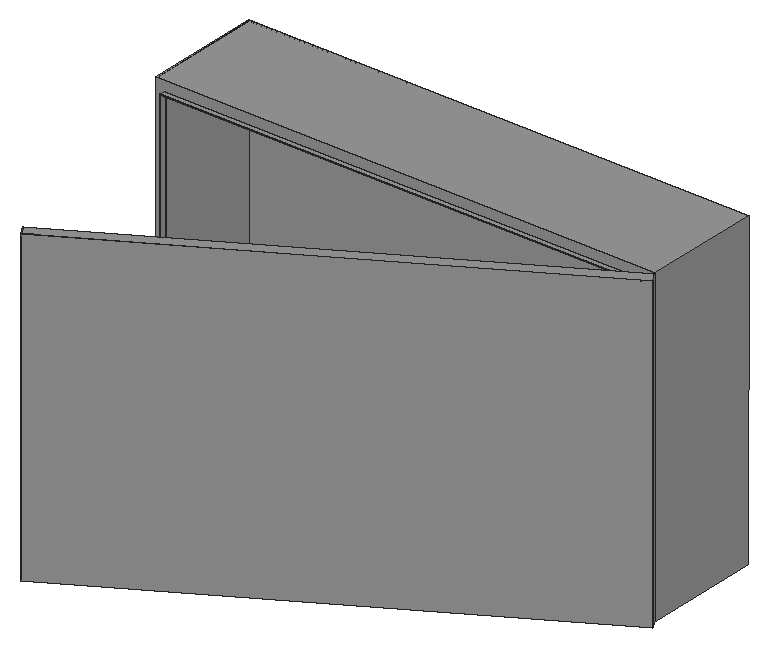
Revit family "Hager-Univers-IP44-D205-H500-Cl.II-Encl-NoHosted-BE-fr", category Electrical Equipment, Revit 2020
Family settings
  Panel Configuration = Two Columns, Circuits Across
  Round Connector Dimension = Use Diameter
  Part Type = Panelboard
  Work Plane-Based = Yes
  Always vertical = Yes
  Cut with Voids When Loaded = No
  Shared = No
  Room Calculation Point = No
Parameters (values of type "saillie IP44 L800 H500 P205  - FP33QS")
  Width Control [instance] = if([EF000008 - largeur] > Min Width, [EF000008 - largeur], Min Width)  # 800 mm
  Type Comments = [HG000003 - Gamme]  # "Univers"
  Thickness Door [instance] = if([EF009171 - épaisseur de matériau de la porte/du couvercle] > 3 mm, 3 mm, [EF009171 - épaisseur de matériau de la porte/du couvercle])  # 1 mm
  Seal Frame Offset [instance] = 17 mm  # constant formula
  Plinth Visibility [instance] = [HG000027 - Hauteur du socle] > 0 mm  # no
  Min Width [instance] = 100 mm  # constant formula
  Min Depth [instance] = (2 * [EF009170 - épaisseur de matériau du boîtier]) + 1 mm  # 3 mm
  Min Height [instance] = 100 mm  # constant formula
  Internal Frame Depth [instance] = (Door System Depth * 0.5)  # 9 mm
  Panel Name [instance] = ""  # (empty or 0)
  Model = ""
  HG000027 - Hauteur du socle = 0 mm
  HG000026 - Installation au sol = no
  HG000024 - Hauteur de la section basse = 600 mm
  HG000023 - Armoire double section = no
  HG000016 - Visibilité de la porte 3D [instance] = yes
  HG000015 - Visibilité de l'emprise de la porte [instance] = no
  HG000014 - Porte à droite [instance] = yes
  HG000013 - Porte à gauche [instance] = not([HG000014 - Porte à droite])  # no
  HG000012 - Angle de pivotement de la porte [instance] = 30.00°
  HG000010 - Portes asymétriques = no
  HG000009 - Porte à double battant = no
  HG000006 - Encastré = no
  HG000004 - Référence fabricant = "FP33QS"
  HG000003 - Gamme = "Univers"
  HG000002 - avec porte = yes
  Frame Offset Bottom [instance] = 10 mm  # constant formula
  Frame Offset [instance] = 15 mm  # constant formula
  EF015940 - couvercle avec décharge de pression = no
  EF011959 - degré de protection (NEMA) = ""
  EF009554 - nombre d'ouvertures pour plaques à bride = 6
  EF009212 - finition du couvercle = "EV000116 - fermé"
  EF009171 - épaisseur de matériau de la porte/du couvercle = 1 mm
  EF009170 - épaisseur de matériau du boîtier = 1 mm
  EF008873 - courant nominal (In) = 250 A
  EF007800 - adapté à un parafoudre = no
  EF006306 - avec serrure = no
  EF006244 - couvercle/porte transparent(e) = no
  EF005474 - indice de protection (IP) = "EV006418 - IP44"
  EF004464 - type de porte = "EV002646 - unique"
  EF004427 - nombre de modules = 108
  EF004293 - indice de protection contre les chocs (IK) = "EV006815 - IK09"
  EF003532 - convient pour utilisation à l’extérieur = no
  EF002950 - largeur en nombre de modules = 36
  EF001613 - maintien de fonction = "EV000494 - sans"
  EF001596 - matériau du boîtier/corps = "EV000179 - acier"
  EF001131 - profondeur intérieure = 143 mm
  EF001088 - possibilité de montage en saillie = yes
  EF000437 - nombre d'entrées de conduit = 6
  EF000339 - type de capot = "EV001012 - couvercle"
  EF000266 - nombre de rangées = 3
  EF000218 - profondeur d'encastrement = 0 mm
  EF000118 - avec cadre/support de montage = no
  EF000116 - numéro RAL = "9010"
  EF000049 - profondeur = 205 mm
  EF000040 - hauteur = 500 mm
  EF000008 - largeur = 800 mm
  EF000007 - couleur = "EV000202 - blanc"
  EF000003 - mode de pose = "EV000384 - saillie"
  Door System Leaf Tolerance [instance] = 1.5 mm  # constant formula
  Door System Depth [instance] = 18 mm  # constant formula
  Door Height [instance] = Height Control - [HG000027 - Hauteur du socle]  # 500 mm
  Description = ""
  Default Elevation = 1219.2 mm
  Connector Offset [instance] = Height Control / 2  # 250 mm
  Manufacturer = "Hager"  # constant formula
  Height Control [instance] = if([EF000040 - hauteur] > Min Height, [EF000040 - hauteur], Min Height)  # 500 mm
  Depth Control [instance] = if([EF000049 - profondeur] > Min Depth, [EF000049 - profondeur], Min Depth)  # 205 mm
  Bottom Top Plate Trim [instance] = 1.5 mm  # constant formula
  Plinth height Ctrl [instance] = if([HG000027 - Hauteur du socle] > 0 mm, [HG000027 - Hauteur du socle], 12 mm)  # 12 mm
Types (5, lengths in mm): name | Width Control | HG000009 - Porte à double battant | HG000004 - Référence fabricant | EF009554 - nombre d'ouvertures pour plaques à bride | EF004464 - type de porte | EF004427 - nombre de modules | EF002950 - largeur en nombre de modules | EF000437 - nombre d'entrées de conduit | EF000008 - largeur
  saillie IP44 L1050 H500 P205  - FP34QS | 1050 | yes | "FP34QS" | 8 | "EV003602 - double" | 144 | 48 | 8 | 1050
  saillie IP44 L1300 H500 P205  - FP35QS | 1300 | yes | "FP35QS" | 10 | "EV003602 - double" | 180 | 60 | 10 | 1300
  saillie IP44 L300 H500 P205  - FP31QS | 300 | no | "FP31QS" | 2 | "EV002646 - unique" | 36 | 12 | 2 | 300
  saillie IP44 L550 H500 P205  - FP32QS | 550 | no | "FP32QS" | 4 | "EV002646 - unique" | 72 | 24 | 4 | 550
  saillie IP44 L800 H500 P205  - FP33QS | 800 | no | "FP33QS" | 6 | "EV002646 - unique" | 108 | 36 | 6 | 800
Reference planes
  plane 1 "Center (Front/Back)": y = 0
  plane 2: z = 0
  plane 3 "Center (Left/Right)": x = 0
  plane 4: y = 0
  plane 5: y = 0
  plane 6: z = 0
  plane 7: x = -400
  plane 8: x = 400
  plane 9: x = 399
  plane 10: x = -399
  plane 11: z = 0
  plane 12: z = 1
  plane 13: y = -205
  plane 14: y = -1
  plane 15: x = 0
  plane 16: y = -187
  plane 17: y = -204
  plane 18: y = -186
  plane 19: x = -384
  plane 20: x = 384
  plane 21: z = 11
  plane 22: x = -383
  plane 23: x = 383
  plane 24: z = 0
  plane 25: z = 500
  plane 26: z = 500
  plane 27: z = 484
  plane 28: z = 499
Forms (mm)
  Extrusion 1, solid, material "Hager_Steel_RAL7035_Light_Grey", detail levels medium+fine
    sketch origin (-208.679, -4572, 0) x (-1, 0, 0) y (0, -1, 0)
      loop
        line (191.321, -4385) -> (-608.679, -4385) -> (-608.679, -4572) -> (191.321, -4572) -> (191.321, -4385)
    from 0 to 500
  Extrusion 2, void
    sketch origin (-350.771, -205, 1219.2) x (1, 0, 0) y (0, 0, 1)
      loop
        line (-48.229, -720.2) -> (-48.229, -1218.2) -> (749.771, -1218.2) -> (749.771, -720.2) -> (-48.229, -720.2)
    from -19 to -204
  Extrusion 3, void
    sketch origin (-290.084, -187, 1219.2) x (1, 0, 0) y (0, 0, 1)
      loop
        line (-93.916, -1208.2) -> (674.084, -1208.2) -> (674.084, -735.2) -> (-93.916, -735.2) -> (-93.916, -1208.2)
    from 0 to -1
  Extrusion 4, solid, material "Hager_Steel_RAL7035_Light_Grey", visible <- "Plinth Visibility", detail levels medium+fine
    sketch origin (0, 0, 0) x (1, 0, 0) y (0, 1, 0)
      loop
        line (-400, 0) -> (-400, -187) -> (400, -187) -> (400, 0) -> (-400, 0)
    from 0 to 12 <- "Plinth height Ctrl"
  Extrusion 5, solid, material "Hager_Steel_RAL7035_Light_Grey", detail levels coarse
    sketch origin (0, 0, 0) x (1, 0, 0) y (0, 1, 0)
      loop
        line (-400, 0) -> (-400, -205) -> (400, -205) -> (400, 0) -> (-400, 0)
    from 0 to 500 <- "Height Control"
  Sweep 6, void
    path in 3D
      loop
        line (-400, -187, 12) -> (400, -187, 12) -> (400, 0, 12) -> (-400, 0, 12) -> (-400, -187, 12)
    profile origin (-400, -93.5, 12) x (1, 0, 0) y (0, 0, 1)
      loop
        line (0, 0) -> (0, -1.5) -> (1.5, -1.5)
        arc (1.5, -1.5) -> (1.061, -0.439) -> (0, 0) r 1.5
  Extrusion 7, solid, material "Hager_Steel_RAL7035_Light_Grey", detail levels fine
    sketch origin (-400, -187, 0) x (1, 0, 0) y (0, 0, 1)
      loop
        line (16, 11) -> (784, 11) -> (784, 484) -> (16, 484) -> (16, 11)
      loop
        line (15, 10) -> (785, 10) -> (785, 485) -> (15, 485) -> (15, 10)
    from 0 to 9 <- "Internal Frame Depth"
Cuts and joins
  Extrusion 2, Extrusion 3 cuts Extrusion 1
  Sweep 6 cuts Extrusion 4
Lines and regions (mm)
  Masking region 1
    outline origin (0, 0, 0) x (1, 0, 0) y (0, 1, 0)
      loop
        line (-400, 0) -> (-400, -205) -> (400, -205) -> (400, 0) -> (-400, 0)
  Masking region 2, detail levels coarse
    outline origin (-290.084, -187, 1219.2) x (-1, 0, 0) y (0, 0, 1)
      loop
        line (-690.084, -1219.2) -> (109.916, -1219.2) -> (109.916, -719.2) -> (-690.084, -719.2) -> (-690.084, -1219.2)
  Masking region 3, detail levels coarse
    outline origin (0, 0, 0) x (0, 1, 0) y (0, 0, 1)
      loop
        line (0, 0) -> (0, 500) -> (-205, 500) -> (-205, 0) -> (0, 0)
  Masking region 4, visible <- "Plinth Visibility", detail levels medium+fine
    outline origin (0, 0, 0) x (0, 1, 0) y (0, 0, 1)
      loop
        line (-1.5, 12) -> (-185.5, 12)
        arc (-185.5, 12) -> (-185.939, 10.939) -> (-187, 10.5) r 1.5
        line (-187, 10.5) -> (-187, 0) -> (0, 0) -> (0, 10.5)
        arc (0, 10.5) -> (-1.061, 10.939) -> (-1.5, 12) r 1.5
  Masking region 5, detail levels medium+fine
    outline origin (0, 0, 594.038) x (0, 1, 0) y (0, 0, 1)
      loop
        line (0, -594.038) -> (0, -94.038) -> (-187, -94.038) -> (-187, -594.038) -> (0, -594.038)
  Masking region 6, detail levels medium+fine
    outline origin (-359.7, -187, 1211.883) x (-1, 0, 0) y (0, 0, 1)
      loop
        line (-759.7, -1211.883) -> (40.3, -1211.883) -> (40.3, -711.883) -> (-759.7, -711.883) -> (-759.7, -1211.883)
  Masking region 7, visible <- "Plinth Visibility", detail levels medium+fine
    outline origin (-320.334, -187, 1041.368) x (-1, 0, 0) y (0, 0, 1)
      loop
        line (-720.334, -1041.368) -> (79.666, -1041.368) -> (79.666, -1030.868)
        arc (79.666, -1030.868) -> (78.606, -1030.429) -> (78.166, -1029.368) r 1.5
        line (78.166, -1029.368) -> (-718.834, -1029.368)
        arc (-718.834, -1029.368) -> (-719.273, -1030.429) -> (-720.334, -1030.868) r 1.5
        line (-720.334, -1030.868) -> (-720.334, -1041.368)
  sketch lines
    curve 1: line (-400, 0, 12) -> (-400, -187, 12)
    curve 2: line (-400, -187, 12) -> (400, -187, 12)
    curve 3: line (400, 0, 12) -> (-400, 0, 12)
    curve 4: line (400, -187, 12) -> (400, 0, 12)
Dimensions and locks
  locked: plane 1 "Center (Front/Back)" to plane 5
  "EF009170 - épaisseur de matériau du boîtier": plane 7 to plane 10
  "EF009170 - épaisseur de matériau du boîtier": plane 8 to plane 9
  equal spacing: plane 7, plane 3 "Center (Left/Right)", plane 8
  "Width Control": plane 7 to plane 8
  "Depth Control": plane 4 to plane 13
  "EF009170 - épaisseur de matériau du boîtier": plane 4 to plane 14
  "Height Control": plane 25 to level
  "HG000027 - Hauteur du socle": plane 11 to level
  "EF009170 - épaisseur de matériau du boîtier": plane 12 to plane 11
  "EF009170 - épaisseur de matériau du boîtier": plane 17 to plane 13
  "EF009170 - épaisseur de matériau du boîtier": plane 18 to plane 16
  "Frame Offset Bottom": plane 21 to plane 12
  "Frame Offset": plane 10 to plane 19
  "Frame Offset": plane 9 to plane 20
  "Door System Depth": plane 16 to plane 13
  "Seal Frame Offset": plane 7 to plane 22
  "Seal Frame Offset": plane 8 to plane 23
  "EF009170 - épaisseur de matériau du boîtier": plane 26 to plane 28
  "Frame Offset": plane 28 to plane 27
  "Connector Offset": plane 2 to connector elem
  "Bottom Top Plate Trim": profile plane to Sweep 6 sketch curve
  "Bottom Top Plate Trim": Sweep 6 sketch curve to Sweep 6 sketch curve
  "Plinth height Ctrl": Masking region 4 sketch curve to level
  "Plinth height Ctrl": Masking region 7 sketch curve to level
  "Thickness Door": Extrusion 7 sketch curve to Extrusion 7 sketch curve  (x4)
  "Bottom Top Plate Trim": radius of Sweep 6 sketch curve
  "Bottom Top Plate Trim": radius of Masking region 4 sketch curve  (x2)
  "Bottom Top Plate Trim": radius of Masking region 7 sketch curve  (x2)
  aligned and locked: Extrusion 2 sketch curve to plane 12
  aligned and locked: Extrusion 2 sketch curve to plane 9
  aligned and locked: Extrusion 2 sketch curve to plane 10
  aligned and locked: Extrusion 2 to plane 14
  aligned and locked: Extrusion 1 sketch curve to plane 4
  aligned and locked: plane 8 to Extrusion 1 sketch curve
  aligned and locked: plane 7 to Extrusion 1 sketch curve
  aligned and locked: Extrusion 2 to plane 18
  aligned and locked: plane 19 to Extrusion 3 sketch curve
  aligned and locked: plane 20 to Extrusion 3 sketch curve
  aligned and locked: Extrusion 3 to Extrusion 2
  aligned and locked: Extrusion 3 sketch curve to plane 21
  aligned and locked: plane 3 "Center (Left/Right)" to nested 1
  aligned and locked: Extrusion 1 sketch curve to plane 16
  aligned and locked: Extrusion 4 sketch curve to cut or joined group of Extrusion 1, Extrusion 2, Extrusion 3
  aligned and locked: Masking region 1 sketch curve to plane 7
  aligned and locked: Masking region 1 sketch curve to plane 5
  aligned and locked: Masking region 1 sketch curve to plane 8
  aligned and locked: Masking region 2 sketch curve to level
  aligned and locked: level to Masking region 3 sketch curve
  aligned and locked: plane 1 "Center (Front/Back)" to Masking region 3 sketch curve
  aligned and locked: plane 13 to Masking region 3 sketch curve
  aligned and locked: plane 5 to Masking region 4 sketch curve
  aligned and locked: Masking region 2 sketch curve to plane 8
  aligned and locked: Masking region 2 sketch curve to plane 7
  aligned and locked: plane 7 to nested 2
  aligned and locked: nested 2 to plane 5
  aligned and locked: plane 5 to Masking region 5 sketch curve
  aligned and locked: plane 26 to Masking region 5 sketch curve
  aligned and locked: Extrusion 5 sketch curve to plane 8
  aligned and locked: Extrusion 5 sketch curve to plane 7
  aligned and locked: Extrusion 5 sketch curve to plane 5
  aligned and locked: Extrusion 3 sketch curve to plane 27
  aligned and locked: Extrusion 2 sketch curve to plane 28
  aligned and locked: Masking region 2 to plane 25
  aligned and locked: Extrusion 4 to plane 16
  aligned and locked: profile plane to Sweep 6 sketch curve
  aligned and locked: Masking region 5 sketch curve to plane 24
  aligned and locked: level to Masking region 4 sketch curve
  aligned and locked: Masking region 1 to plane 13
  aligned and locked: nested 1 to plane 16
  aligned and locked: Masking region 3 to plane 25
  aligned and locked: plane 16 to Masking region 4 sketch curve
  aligned and locked: Masking region 5 sketch curve to plane 16
  aligned and locked: plane 24 to plane 11
  aligned and locked: plane 26 to plane 25
  aligned and locked: plane 26 to cut or joined group of Extrusion 1, Extrusion 2, Extrusion 3
  aligned and locked: nested 1 to plane 24
  aligned and locked: Extrusion 1 to Extrusion 3
  aligned and locked: Masking region 6 sketch curve to plane 8
  aligned and locked: Masking region 6 sketch curve to plane 24
  aligned and locked: Masking region 6 sketch curve to plane 7
  aligned and locked: Masking region 6 sketch curve to plane 26
  aligned and locked: Masking region 7 sketch curve to plane 7
  aligned and locked: level to Masking region 7 sketch curve
  aligned and locked: Masking region 7 sketch curve to plane 8
  aligned and locked: Extrusion 7 sketch curve to cut or joined group of Extrusion 1, Extrusion 2, Extrusion 3  (x4)
Automatic sketch dimensions
  plane 19 to Extrusion 3 sketch curve = 0 mm
  Extrusion 3 sketch curve to plane 20 = 0 mm
  Extrusion 3 sketch curve to plane 21 = 0 mm
  Extrusion 4 sketch curve to plane 7 = 0 mm
  Extrusion 4 sketch curve to plane 8 = 0 mm
  Extrusion 4 sketch curve to plane 16 = 0 mm
  Masking region 1 sketch curve to plane 13 = 0 mm
  Masking region 2 sketch curve to plane 25 = 0 mm
  Masking region 3 sketch curve to plane 25 = 0 mm
  Extrusion 5 sketch curve to plane 13 = 0 mm
  profile plane to Sweep 6 sketch curve = 0 mm
Nested families
  nested 1: "EC000058_Univers_Door" at (0, -187, 0), Double <- "HG000009 - Porte à double battant", Transparent <- "EF006244 - couvercle/porte transparent(e)", Angle <- "HG000012 - Angle de pivotement de la porte", Door_Right <- "HG000014 - Porte à droite", Assymetrical <- "HG000010 - Portes asymétriques", Door <- "HG000002 - avec porte", Width_Ctrl <- "Width Control", 3d_Door <- "HG000016 - Visibilité de la porte 3D", Clearance <- "HG000015 - Visibilité de l'emprise de la porte", Door_Left <- "HG000013 - Porte à gauche", Width <- "Width Control", Door_Depth <- "Door System Depth", Leaf_Tolerance <- "Door System Leaf Tolerance", Height <- "Door Height", Lock_Visibility <- "EF006306 - avec serrure", Thickness <- "Thickness Door", type "EC000058_Univers_Door", detail levels medium+fine
    with min_wh 3 mm, Width_Ctrl 800 mm, Width 800 mm, Transparent no, Thickness 1 mm, Seal_Material Hager_Rubber, Lock_Visibility no, Lock_Material Hager_Plastic_RAL9005_Jet_Black, Leaf_Width 800 mm, Leaf_Tolerance_External_Sides 0 mm, Leaf_Tolerance 1.5 mm, Leaf_Offset 0 mm, Leaf_Height 497 mm, Leaf_2_Width 800 mm, Leaf_2_Offset 400 mm, Leaf_1_Width 800 mm, Leaf_1_Offset 400 mm, Height_Ctrl 500 mm, Height 500 mm, Glass_Material Hager_Glass, Double_Clearance_Ctrl no, Double no, Door_Right_Ctrl yes, Door_Right yes, Door_Material Hager_Steel_RAL7035_Light_Grey, Door_Left_Ctrl no, Door_Left no, Door_Depth 18 mm, Door yes, Clearance_Material Hager_Clearance, Clearance_Depth 800 mm, Clearance_Ctrl no, Clearance no, Assymetrical no, Angle 30.00°, 3d_Door yes
  nested 2: "Hager_Enclosure_Symbol" at (-400, 0, 0), Height <- "Depth Control", Width <- "Width Control", type "Hager_Enclosure_Symbol"
    with Width_Ctrl 800 mm, Width 800 mm, Height_Ctrl 205 mm, Height 205 mm, A_Width_Int 13.453 mm, A_Width 161.438 mm, A_Height_Ctrl 179.375 mm, A_Height 179.375 mm
Connectors
  electrical at (0, 0, 250)
    settings: on plane 1 "Center (Front/Back)", index 1, voltage 0 V, apparent load 0 VA, apparent load phase1 0 VA, apparent load phase2 0 VA, apparent load phase3 0 VA, power factor 1, load classification "Other", number of poles 1, system type 30, power factor state 1, is connector primary yes, connector utility no, sub classification motor no, connector description ""
Definition of nested family "EC000058_Univers_Door"
  Parameters (values of type "EC000058_Univers_Door")
    min_wh [instance] = (2 * Thickness) + 1 mm  # 11 mm
    Width_Ctrl [instance] = 400 mm
    Width [instance] = 500 mm
    Transparent [instance] = yes
    Thickness [instance] = 5 mm
    Seal_Material [instance] = none
    Lock_Visibility [instance] = yes
    Lock_Material [instance] = none
    Leaf_Width [instance] = if((Width_Ctrl - 2 * Leaf_Tolerance_External_Sides) > 0 mm, (Width_Ctrl - 2 * Leaf_Tolerance_External_Sides), min_wh)  # 400 mm
    Leaf_Tolerance_External_Sides [instance] = 0 mm  # constant formula
    Leaf_Tolerance [instance] = 1.5 mm
    Leaf_Offset [instance] = 0 mm  # constant formula
    Leaf_Height [instance] = if((Height_Ctrl - 2 * Leaf_Tolerance) > 0 mm, (Height_Ctrl - 2 * Leaf_Tolerance), min_wh)  # 497 mm
    Leaf_2_Width [instance] = if(and(and(Double, Assymetrical), Door_Left), (Leaf_Width / 3) - (Leaf_Tolerance / 2), if(and(and(Double, Assymetrical), Door_Right), (Leaf_Width / 3) * 2 - (Leaf_Tolerance / 2), if(and(Double, not(Assymetrical)), (Leaf_Width / 2) - Leaf_Tolerance, Leaf_Width)))  # 400 mm
    Leaf_2_Offset [instance] = if(and(Double, Assymetrical), Leaf_2_Width / 2, if(and(Double, not(Assymetrical)), Leaf_Width / 4, Leaf_Width / 2))  # 200 mm
    Leaf_1_Width [instance] = if(and(and(Double, Assymetrical), Door_Right), (Leaf_Width / 3) - (Leaf_Tolerance / 2), if(and(and(Double, Assymetrical), Door_Left), (Width / 3) * 2 - (Leaf_Tolerance / 2), if(and(Double, not(Assymetrical)), (Leaf_Width / 2) - Leaf_Tolerance, Leaf_Width)))  # 400 mm
    Leaf_1_Offset [instance] = if(and(Double, Assymetrical), Leaf_1_Width / 2, if(and(Double, not(Assymetrical)), Leaf_Width / 4, Leaf_Width / 2))  # 200 mm
    Height_Ctrl [instance] = if(Height > min_wh, Height, min_wh)  # 500 mm
    Height [instance] = 500 mm
    Glass_Material [instance] = none
    Double_Clearance_Ctrl [instance] = and(Double, Clearance)  # no
    Double [instance] = no
    Door_Right_Ctrl [instance] = and(or(Door_Right, Double), Door)  # yes
    Door_Right [instance] = yes
    Door_Material [instance] = none
    Door_Left_Ctrl [instance] = and(or(Door_Left, Double), Door)  # no
    Door_Left [instance] = no
    Door_Depth [instance] = 30 mm
    Door [instance] = yes
    Default Elevation = 1219.2 mm
    Clearance_Material [instance] = none
    Clearance_Depth [instance] = if(Leaf_1_Width > Leaf_2_Width, Leaf_1_Width, Leaf_2_Width)  # 400 mm
    Clearance_Ctrl [instance] = and(not(Double), Clearance)  # yes
    Clearance [instance] = yes
    Assymetrical [instance] = yes
    Angle [instance] = 30.00°
    3d_Door [instance] = yes
  Reference planes
    plane 1 "Center (Front/Back)": y = 0
    plane 2 "Bottom": z = 0
    plane 3 "Center (Left/Right)": x = 0
    plane 4: z = 500
    plane 5: x = -200
    plane 6: x = 200
    plane 7: z = 500
    plane 8: x = -200
    plane 9: z = 0
    plane 10: x = 200
    plane 11: y = 0
    plane 12: z = 1.5
    plane 13: x = -600
    plane 14: y = -400
    plane 15: x = 600
    plane 16: x = 0
    plane 17: x = 0
    plane 18: x = -200
    plane 19: x = 200
    plane 20: z = 498.5
  Forms (mm)
    Extrusion 1, solid, material <- "Clearance_Material", visible <- "Double_Clearance_Ctrl"
      sketch origin (1200, 0, 0) x (1, 0, 0) y (0, 0, -1)
        loop
          line (-1800, -498.5) -> (-600, -498.5) -> (-600, 0) -> (-1800, 0) -> (-1800, -498.5)
      from 0 to -400
  Dimensions and locks
    equal spacing: plane 5, plane 3 "Center (Left/Right)", plane 6
    "Width_Ctrl": plane 5 to plane 6
    "Leaf_Offset": plane 5 to plane 8
    "Leaf_Offset": plane 6 to plane 10
    "Leaf_Offset": plane 9 to level
    "Leaf_Offset": plane 4 to plane 7
    "Height_Ctrl": plane 4 to level
    "Leaf_Tolerance": plane 12 to plane 9
    locked: plane 11 to plane 1 "Center (Front/Back)"
    "Leaf_1_Offset": plane 18 to plane 16
    "Leaf_2_Offset": plane 17 to plane 19
    "Leaf_1_Width": plane 13 to plane 8
    "Leaf_2_Width": plane 10 to plane 15
    "Clearance_Depth": plane 14 to plane 1 "Center (Front/Back)"
    "Leaf_Tolerance_External_Sides": plane 8 to plane 18
    "Leaf_Tolerance_External_Sides": plane 19 to plane 10
    "Leaf_Tolerance": plane 7 to plane 20
    aligned and locked: level to plane 2 "Bottom"
    aligned and locked: nested 1 to plane 16
    aligned and locked: nested 2 to plane 17
    aligned and locked: Extrusion 1 to plane 13
    aligned and locked: plane 15 to Extrusion 1
    aligned and locked: Extrusion 1 to plane 14
    aligned and locked: plane 12 to nested 1
    aligned and locked: nested 2 to plane 12
    aligned and locked: Extrusion 1 to plane 11
    aligned and locked: plane 20 to Extrusion 1
    aligned and locked: nested 2 to plane 11
    aligned and locked: nested 1 to plane 11
  Automatic sketch dimensions
    Extrusion 1 sketch curve to level = 0 mm
    plane 5 to Extrusion 1 sketch curve = 400 mm
    plane 6 to Extrusion 1 sketch curve = 400 mm
    Extrusion 1 sketch curve to plane 4 = 1.5 mm
  Nested families
    nested 1: "EC000058_Univers_Door_Leaf" at (0, 0, 1.5), Width <- "Leaf_1_Width", visible <- "Door_Left_Ctrl", Leaf_Height <- "Leaf_Height", Angle <- "Angle", 3d_Door <- "3d_Door", Transparent <- "Transparent", Clearance Material <- "Clearance_Material", Clearance <- "Clearance_Ctrl", Door_Material <- "Door_Material", Glass_Material <- "Glass_Material", Door_Depth <- "Door_Depth", Lock_Material <- "Lock_Material", Seal_Material <- "Seal_Material", Lock_Visibility <- "Lock_Visibility", Thickness <- "Thickness", type "EC000058_Univers_Door_Leaf"
      with Width 400 mm, Transparent_Glass_Offset 30 mm, Transparent_Ctrl yes, Transparent yes, Thickness 5 mm, Standard no, Seal_Material none, Seal_D2 8 mm, Seal_D1 1 mm, Offset_Internal_Frame 10 mm, Lock_Width 20 mm, Lock_Visibility_3d yes, Lock_Visibility yes, Lock_Thickness_3 3 mm, Lock_Thickness_2 1 mm, Lock_Thickness_1 3 mm, Lock_Radius_Offset_2 16 mm, Lock_Radius_Offset_1 15 mm, Lock_Radius_2 5 mm, Lock_Radius 6 mm, Lock_Offset 5 mm, Lock_Material none, Lock_Height 80 mm, Lock_Cover_Top_Offset_2d 17 mm, Lock_Cover_Height -65 mm, Leaf_Height 497 mm, Internal_Seal_Thickness 8 mm, Internal_Seal_Depth_2 4.5 mm, Internal_Frame_Depth 25 mm, Glass_Thickness -1 mm, Glass_Offset -2 mm, Glass_Material none, Door_Material none, Door_Depth 30 mm, Clearance Material none, Clearance yes, Angle_Ctrl 30.00°, Angle 30.00°, 3d_Door yes
    nested 2: "EC000058_Univers_Door_Leaf" at (0, 0, 1.5) x (-1, 0, 0) z (0, 0, 1), Width <- "Leaf_2_Width", visible <- "Door_Right_Ctrl", Leaf_Height <- "Leaf_Height", Angle <- "Angle", 3d_Door <- "3d_Door", Transparent <- "Transparent", Clearance Material <- "Clearance_Material", Clearance <- "Clearance_Ctrl", Door_Material <- "Door_Material", Glass_Material <- "Glass_Material", Door_Depth <- "Door_Depth", Lock_Material <- "Lock_Material", Seal_Material <- "Seal_Material", Lock_Visibility <- "Lock_Visibility", Thickness <- "Thickness", type "EC000058_Univers_Door_Leaf"
      with Width 400 mm, Transparent_Glass_Offset 30 mm, Transparent_Ctrl yes, Transparent yes, Thickness 5 mm, Standard no, Seal_Material none, Seal_D2 8 mm, Seal_D1 1 mm, Offset_Internal_Frame 10 mm, Lock_Width 20 mm, Lock_Visibility_3d yes, Lock_Visibility yes, Lock_Thickness_3 3 mm, Lock_Thickness_2 1 mm, Lock_Thickness_1 3 mm, Lock_Radius_Offset_2 16 mm, Lock_Radius_Offset_1 15 mm, Lock_Radius_2 5 mm, Lock_Radius 6 mm, Lock_Offset 5 mm, Lock_Material none, Lock_Height 80 mm, Lock_Cover_Top_Offset_2d 17 mm, Lock_Cover_Height -65 mm, Leaf_Height 497 mm, Internal_Seal_Thickness 8 mm, Internal_Seal_Depth_2 4.5 mm, Internal_Frame_Depth 25 mm, Glass_Thickness -1 mm, Glass_Offset -2 mm, Glass_Material none, Door_Material none, Door_Depth 30 mm, Clearance Material none, Clearance yes, Angle_Ctrl 30.00°, Angle 30.00°, 3d_Door yes
  Definition of nested family "EC000058_Univers_Door_Leaf"
    Parameters (values of type "EC000058_Univers_Door_Leaf")
      Width [instance] = 2000 mm
      Transparent_Glass_Offset [instance] = 30 mm
      Transparent_Ctrl [instance] = and(Transparent, [3d_Door])  # yes
      Transparent [instance] = yes
      Thickness [instance] = 5 mm
      Standard [instance] = and(not(Transparent), [3d_Door])  # no
      Seal_Material [instance] = none
      Seal_D2 [instance] = 8 mm  # constant formula
      Seal_D1 [instance] = 1 mm  # constant formula
      Offset_Internal_Frame [instance] = 10 mm  # constant formula
      Lock_Width [instance] = 20 mm  # constant formula
      Lock_Visibility_3d [instance] = and(Lock_Visibility, [3d_Door])  # yes
      Lock_Visibility [instance] = yes
      Lock_Thickness_3 [instance] = 3 mm  # constant formula
      Lock_Thickness_2 [instance] = 1 mm  # constant formula
      Lock_Thickness_1 [instance] = 3 mm  # constant formula
      Lock_Radius_Offset_2 [instance] = Lock_Radius_Offset_1 + 1 mm  # 16 mm
      Lock_Radius_Offset_1 [instance] = 15 mm  # constant formula
      Lock_Radius_2 [instance] = Lock_Radius - 1 mm  # 5 mm
      Lock_Radius [instance] = 6 mm  # constant formula
      Lock_Offset [instance] = 5 mm  # constant formula
      Lock_Material [instance] = none
      Lock_Height [instance] = 80 mm  # constant formula
      Lock_Cover_Top_Offset_2d [instance] = Lock_Radius_Offset_2 + 1 mm  # 17 mm
      Lock_Cover_Height [instance] = -(Lock_Height - Lock_Radius_Offset_1)  # -65 mm
      Leaf_Height [instance] = 2720.336 mm
      Internal_Seal_Thickness [instance] = 8 mm  # constant formula
      Internal_Seal_Depth_2 [instance] = 4.5 mm  # constant formula
      Internal_Frame_Depth [instance] = if(Door_Depth - Thickness > 5 mm, Door_Depth - Thickness, 5 mm)  # 25 mm
      Glass_Thickness [instance] = if(Thickness > 15 mm, Glass_Offset + 10 mm, -1 mm)  # -1 mm
      Glass_Offset [instance] = if(Thickness > 15 mm, -(Thickness + 10 mm) / 2, -2 mm)  # -2 mm
      Glass_Material [instance] = none
      Door_Material [instance] = none
      Door_Depth [instance] = 30 mm
      Default Elevation = 0 mm
      Clearance Material [instance] = none
      Clearance [instance] = yes
      Angle_Ctrl [instance] = if(Angle > 180.00°, 180.00°, Angle)  # 90.00°
      Angle [instance] = 90.00°
      3d_Door [instance] = yes
    Reference planes
      plane 1 "Center (Front/Back)": y = 0
      plane 2: z = 0
      plane 3 "Center (Left/Right)": x = 0
      plane 4: y = 2000
      plane 5: x = -1000
      plane 6: x = 1000
      plane 7: x = -3000
      plane 8: z = 2720.336
      plane 9: z = 30
      plane 10: z = 2690.336
      plane 11: x = 970
      plane 12: x = -970
      plane 13: y = -3
      plane 14: z = 107.833
      plane 15: y = -5
      plane 16: y = -223.314
      plane 17: x = -1000
      plane 18: z = 1360.168
      plane 19: y = 30
    Forms (mm)
      Extrusion 1, solid, material <- "Clearance Material", visible <- "Clearance"
        sketch origin (0, 0, 0) x (1, 0, 0) y (0, 0, 1)
          loop
            line (-3000, 2720.336) -> (-3000, 0) -> (1000, 0) -> (1000, 2720.336) -> (-3000, 2720.336)
        from 0 to -2000
      Extrusion 2, solid, material <- "Door_Material", visible <- "Standard", detail levels medium+fine
        sketch origin (-1000, 0, 0) x (0, 1, 0) y (-1, 0, 0)
          loop
            line (0, 30) -> (0, 25) -> (2000, 25) -> (2000, 30) -> (0, 30)
        from 0 to 2720.336 <- "Leaf_Height"
      Extrusion 3, solid, material <- "Door_Material", visible <- "Transparent_Ctrl", detail levels medium+fine
        sketch origin (-1000, 0, 0) x (0, 1, 0) y (-1, 0, 0)
          loop
            line (0, 25) -> (2000, 25) -> (2000, 30) -> (0, 30) -> (0, 25)
        from 0 to 2720.336 <- "Leaf_Height"
      Extrusion 4, void
        sketch origin (-1025, 2000, 0) x (0, 1, 0) y (0, 0, -1)
          loop
            line (-30, -2690.336) -> (-30, -30) -> (-1970, -30) -> (-1970, -2690.336) -> (-30, -2690.336)
        from 0 to 5 <- "Thickness"
      Sweep 5, solid, material <- "Seal_Material", visible <- "Transparent_Ctrl", detail levels fine
        path in 3D
          loop
            line (-1025, 30, 30) -> (-1025, 30, 2690.336) -> (-1025, 1970, 2690.336) -> (-1025, 1970, 30) -> (-1025, 30, 30)
        profile origin (-1025, 1000, 30) x (1, 0, 0) y (0, 0, 1)
          loop
            line (0, 0) -> (0, -8) -> (1, -8) -> (1, 0) -> (0, 0)
      Extrusion 6, solid, material <- "Glass_Material", visible <- "Transparent_Ctrl", detail levels medium+fine
        sketch origin (-1030, 0, 0) x (0, 1, 0) y (0, 0, -1)
          loop
            line (1970, -2690.336) -> (1970, -30) -> (30, -30) -> (30, -2690.336) -> (1970, -2690.336)
        from -2 <- "Glass_Offset" to -1 <- "Glass_Thickness"
      Extrusion 7, solid, material <- "Door_Material", visible <- "3d_Door", detail levels medium+fine
        sketch origin (-1025, 2000, 0) x (0, -1, 0) y (0, 0, -1)
          loop
            line (0, -2720.336) -> (2000, -2720.336) -> (2000, 0) -> (0, 0) -> (0, -2720.336)
          loop
            line (1995, -5) -> (5, -5) -> (5, -2715.336) -> (1995, -2715.336) -> (1995, -5)
        from 0 to 25 <- "Internal_Frame_Depth"
      Sweep 8, solid, material <- "Seal_Material", visible <- "Transparent_Ctrl", detail levels fine
        path in 3D
          loop
            line (-1025, 0, 0) -> (-1025, 2000, 0) -> (-1025, 2000, 2720.336) -> (-1025, 0, 2720.336) -> (-1025, 0, 0)
        profile origin (-1025, 0, 1360.168) x (1, 0, 0) y (0, 1, 0)
          loop
            line (0, 10) -> (2.975, 10)
            arc (2.975, 10) -> (4.053, 10.447) -> (4.5, 11.525) r 1.525
            line (4.5, 11.525) -> (4.5, 16.527)
            arc (4.5, 16.527) -> (4.069, 17.569) -> (3.027, 18) r 1.473
            line (3.027, 18) -> (0, 18) -> (0, 10)
      Extrusion 9, solid, material <- "Lock_Material", visible <- "Lock_Visibility_3d", detail levels fine
        sketch origin (-1030, 0, 0) x (0, 1, 0) y (0, 0, -1)
          loop
            arc (1993.5, -1400.168) -> (1994.561, -1399.729) -> (1995, -1398.668) r 1.5
            line (1995, -1398.668) -> (1995, -1320.168) -> (1975, -1320.168) -> (1975, -1398.668)
            arc (1975, -1398.668) -> (1975.439, -1399.729) -> (1976.5, -1400.168) r 1.5
            line (1976.5, -1400.168) -> (1993.5, -1400.168)
        from 3 <- "Lock_Thickness_1" to 0
      Blend 10, solid, material <- "Lock_Material", visible <- "Lock_Visibility_3d", detail levels fine
        base sketch origin (-1033, 0, 0) x (0, 1, 0) y (0, 0, -1)
          loop
            line (1975, -1320.168) -> (1975, -1398.668)
            arc (1975, -1398.668) -> (1975.439, -1399.729) -> (1976.5, -1400.168) r 1.5
            line (1976.5, -1400.168) -> (1993.5, -1400.168)
            arc (1993.5, -1400.168) -> (1994.561, -1399.729) -> (1995, -1398.668) r 1.5
            line (1995, -1398.668) -> (1995, -1320.168) -> (1975, -1320.168)
        top sketch origin (-1033, 0, 0) x (0, 1, 0) y (0, 0, -1)
          loop
            line (1976, -1320.168) -> (1976, -1398.668)
            arc (1976, -1398.668) -> (1976.146, -1399.022) -> (1976.5, -1399.168) r 0.5
            line (1976.5, -1399.168) -> (1993.5, -1399.168)
            arc (1993.5, -1399.168) -> (1993.854, -1399.022) -> (1994, -1398.668) r 0.5
            line (1994, -1398.668) -> (1994, -1320.168) -> (1976, -1320.168)
        from 0 to 1 <- "Lock_Thickness_2"
      Blend 11, solid, material <- "Lock_Material", visible <- "Lock_Visibility_3d", detail levels fine
        base sketch origin (-1034, 0, 0) x (0, 1, 0) y (0, 0, -1)
          loop
            line (1978, -1320.168) -> (1978, -1384.168)
            arc (1978, -1384.168) -> (1985, -1391.168) -> (1992, -1384.168) r 7
            line (1992, -1384.168) -> (1992, -1320.168) -> (1978, -1320.168)
        top sketch origin (-1034, 0, 0) x (0, 1, 0) y (0, 0, -1)
          loop
            line (1991, -1320.168) -> (1979, -1320.168) -> (1979, -1383.168)
            arc (1979, -1383.168) -> (1985, -1389.168) -> (1991, -1383.168) r 6
            line (1991, -1383.168) -> (1991, -1320.168)
        from 0 to 3 <- "Lock_Thickness_3"
      Extrusion 12, solid, material <- "Lock_Material", visible <- "Lock_Visibility_3d", detail levels fine
        sketch origin (-1030, 1975, 1320.168) x (1, 0, 0) y (0, -1, 0)
          loop
            line (-7, -19) -> (-7, -1) -> (0, -1) -> (0, 0) -> (-8, 0) -> (-8, -20) -> (0, -20) -> (0, -19) -> (-7, -19)
        from 0 to -65 <- "Lock_Cover_Height"
      Extrusion 13, void
        sketch origin (-1038, 1995, 1320.168) x (-1, 0, 0) y (0, 0, -1)
          loop
            line (-5, -65) -> (0, -65) -> (-5, -60) -> (-5, -65)
        from 0 to 20 <- "Lock_Width"
      Extrusion 14, void
        sketch origin (-1038, 1975, 1320.168) x (0, -1, 0) y (0, 0, -1)
          loop
            circle (-10, -15.995) r 6
          loop
            circle (-10, -15.995) r 5
        from 0 to 2
      Extrusion 15, solid, material <- "Lock_Material", visible <- "Lock_Visibility_3d", detail levels medium
        sketch origin (-1030, 0, 0) x (0, 1, 0) y (0, 0, -1)
          loop
            arc (1993.5, -1400.168) -> (1994.561, -1399.729) -> (1995, -1398.668) r 1.5
            line (1995, -1398.668) -> (1995, -1320.168) -> (1975, -1320.168) -> (1975, -1398.668)
            arc (1975, -1398.668) -> (1975.439, -1399.729) -> (1976.5, -1400.168) r 1.5
            line (1976.5, -1400.168) -> (1993.5, -1400.168)
        from 8 to 0
    Cuts and joins
      Extrusion 4 cuts Extrusion 3
      Extrusion 13, Extrusion 14 cuts Extrusion 9
      Extrusion 14 cuts Blend 11
      Extrusion 13, Extrusion 14 cuts Extrusion 12
      joined: Extrusion 9, Blend 10, Blend 11, Extrusion 12
      Extrusion 14 cuts Extrusion 15
    Lines and regions (mm)
      Masking region 1, visible <- "Lock_Visibility", detail levels fine
        outline origin (0, 0, 0) x (0, 1, 0) y (0, 0, 1)
          loop
            line (30, 1320.168) -> (33, 1320.168) -> (33, 1400.168) -> (30, 1400.168) -> (30, 1320.168)
      Masking region 2, visible <- "Lock_Visibility", detail levels fine
        outline origin (0, 3.143, 0) x (0, 1, 0) y (0, 0, 1)
          loop
            line (29.857, 1354.168) -> (30.857, 1354.168) -> (30.857, 1366.168) -> (29.857, 1366.168) -> (29.857, 1354.168)
      Masking region 3, detail levels medium+fine
        outline origin (0, 0, 0) x (0, 1, 0) y (0, 0, 1)
          loop
            line (0, 0) -> (30, 0) -> (30, 2720.336) -> (0, 2720.336) -> (0, 0)
      Masking region 4, detail levels medium+fine
        outline origin (0, 0, 0) x (1, 0, 0) y (0, 0, 1)
          loop
            line (-1000, 2720.336) -> (-1000, 0) -> (1000, 0) -> (1000, 2720.336) -> (-1000, 2720.336)
      Masking region 5, visible <- "Lock_Visibility", detail levels fine
        outline origin (-47.116, 0, 0) x (1, 0, 0) y (0, 0, 1)
          loop
            arc (1024.616, 1399.168) -> (1023.556, 1398.729) -> (1023.116, 1397.668) r 1.5
            line (1023.116, 1397.668) -> (1023.116, 1320.168) -> (1041.116, 1320.168) -> (1041.116, 1397.668)
            arc (1041.116, 1397.668) -> (1040.677, 1398.729) -> (1039.616, 1399.168) r 1.5
            line (1039.616, 1399.168) -> (1024.616, 1399.168)
      Masking region 6, visible <- "Lock_Visibility", detail levels medium+fine
        outline origin (-25, 0, 0) x (1, 0, 0) y (0, 0, 1)
          loop
            arc (1001.5, 1400.168) -> (1000.439, 1399.729) -> (1000, 1398.668) r 1.5
            line (1000, 1398.668) -> (1000, 1320.168) -> (1020, 1320.168) -> (1020, 1398.668)
            arc (1020, 1398.668) -> (1019.561, 1399.729) -> (1018.5, 1400.168) r 1.5
            line (1018.5, 1400.168) -> (1001.5, 1400.168)
      Masking region 7, visible <- "Lock_Visibility", detail levels fine
        outline origin (-73.735, 0, 0) x (1, 0, 0) y (0, 0, 1)
          loop
            line (1051.735, 1382.168) -> (1065.735, 1382.168) -> (1065.735, 1384.168)
            arc (1065.735, 1384.168) -> (1058.735, 1391.168) -> (1051.735, 1384.168) r 7
            line (1051.735, 1384.168) -> (1051.735, 1382.168)
      Masking region 8, visible <- "Lock_Visibility", detail levels fine
        outline origin (-73.735, 0, 0) x (1, 0, 0) y (0, 0, 1)
          loop
            line (1052.735, 1382.168) -> (1064.735, 1382.168) -> (1064.735, 1383.168)
            arc (1064.735, 1383.168) -> (1058.735, 1389.168) -> (1052.735, 1383.168) r 6
            line (1052.735, 1383.168) -> (1052.735, 1382.168)
      Masking region 9, visible <- "Lock_Visibility", detail levels fine
        outline origin (-25, 0, 0) x (1, 0, 0) y (0, 0, 1)
          loop
            line (1020, 1320.168) -> (1020, 1382.168) -> (1000, 1382.168) -> (1000, 1320.168) -> (1020, 1320.168)
      Masking region 10, detail levels medium+fine
        outline origin (0, 0, 0) x (1, 0, 0) y (0, 0, 1)
          loop
            circle (985, 1335.144) r 6
      Masking region 11, detail levels fine
        outline origin (0, 0, 0) x (1, 0, 0) y (0, 0, 1)
          loop
            circle (985, 1335.144) r 5
      Masking region 12, visible <- "Lock_Visibility", detail levels fine
        outline origin (0, 12.767, 0) x (0, 1, 0) y (0, 0, 1)
          loop
            line (20.233, 1320.168) -> (21.233, 1320.168) -> (21.233, 1399.168) -> (20.233, 1400.168) -> (20.233, 1320.168)
      Masking region 13, visible <- "Lock_Visibility", detail levels fine
        outline origin (0, 13.767, -10) x (0, 1, 0) y (0, 0, 1)
          loop
            line (20.233, 1330.168) -> (23.233, 1330.168) -> (23.233, 1399.168) -> (20.233, 1402.168) -> (20.233, 1330.168)
      Masking region 14, visible <- "Lock_Visibility", detail levels fine
        outline origin (0, 12.767, -10) x (0, 1, 0) y (0, 0, 1)
          loop
            line (20.233, 1330.168) -> (25.233, 1330.168) -> (25.233, 1399.305) -> (20.233, 1394.305) -> (20.233, 1330.168)
      Masking region 15, visible <- "Lock_Visibility", detail levels medium
        outline origin (0, 0, 0) x (0, 1, 0) y (0, 0, 1)
          loop
            line (30, 1320.168) -> (38, 1320.168) -> (38, 1400.168) -> (30, 1400.168) -> (30, 1320.168)
      Masking region 16, visible <- "Lock_Visibility", detail levels fine
        outline origin (-1000, 0, 0) x (0, 1, 0) y (-1, 0, 0)
          loop
            line (1975, 30) -> (1995, 30) -> (1995, 38) -> (1975, 38) -> (1975, 30)
          loop
            line (1979, 37) -> (1976, 37) -> (1976, 34) -> (1978, 34) -> (1979, 37)
          loop
            line (1994, 37) -> (1991, 37) -> (1992, 34) -> (1994, 34) -> (1994, 37)
      Masking region 17, visible <- "Lock_Visibility", detail levels medium
        outline origin (-1000, 0, 0) x (0, 1, 0) y (-1, 0, 0)
          loop
            line (1975, 30) -> (1995, 30) -> (1995, 38) -> (1975, 38) -> (1975, 30)
      symbolic lines
        curve 1: line (1000, 0, 0) -> (-3000, 0, 0)
        curve 2: arc (1000, 0, 0) -> (-1000, 2000, 0) -> (-3000, 0, 0) r 2000
        curve 4: line (-1030, 0, 0) -> (-1030, 2000, 0)
      reference lines
        curve 3: line (-1000, 0, 0) -> (-1000, 2000, 0)
      symbolic lines, detail levels medium+fine
        curve 5: line (-1030, 2000, 0) -> (-1025, 2000, 0)
        curve 7: line (-1025, 0, 0) -> (-1030, 0, 0)
        curve 8: line (-1025, 0, 0) -> (-1000, 0, 0)
        curve 9: line (-1000, 0, 0) -> (-1000, 2000, 0)
        curve 10: line (-1000, 2000, 0) -> (-1025, 2000, 0)
      symbolic lines, detail levels fine
        curve 6: line (-1025, 2000, 0) -> (-1025, 0, 0)
      sketch lines
        curve 11: line (-1025, 0, 2720.336) -> (-1025, 0, 0)
        curve 12: line (-1025, 2000, 0) -> (-1025, 0, 0)
        curve 13: line (-1025, 2000, 2720.336) -> (-1025, 2000, 0)
        curve 14: line (-1025, 0, 2720.336) -> (-1025, 2000, 2720.336)
        curve 15: line (-1025, 1970, 30) -> (-1025, 30, 30)
        curve 16: line (-1025, 30, 30) -> (-1025, 30, 2690.336)
        curve 17: line (-1025, 1970, 2690.336) -> (-1025, 1970, 30)
        curve 18: line (-1025, 30, 2690.336) -> (-1025, 1970, 2690.336)
      symbolic lines, visible <- "Transparent", detail levels medium+fine
        curve 19: line (-970, 0, 2690.336) -> (970, 0, 2690.336)
        curve 20: line (-970, 0, 30) -> (-970, 0, 2690.336)
        curve 21: line (970, 0, 30) -> (-970, 0, 30)
        curve 22: line (970, 0, 2690.336) -> (970, 0, 30)
    Dimensions and locks
      "Width": plane 1 "Center (Front/Back)" to plane 4
      equal spacing: plane 5, plane 3 "Center (Left/Right)", plane 6
      "Width": plane 5 to plane 6
      "Width": plane 7 to plane 5
      "Leaf_Height": plane 8 to level
      "Width": curve 5 to curve 3
      "Width": curve 3 to curve 3
      plane 8 to plane 10 = 30 mm
      plane 9 to level = 30 mm
      plane 12 to plane 5 = 30 mm
      plane 6 to plane 11 = 30 mm
      Extrusion 1 to Extrusion 4 sketch curve = 30 mm
      "Transparent_Glass_Offset": curve 3 to Extrusion 4 sketch curve
      "Transparent_Glass_Offset": Extrusion 4 sketch curve to cut or joined group of Extrusion 3, Extrusion 4  (x2)
      cut or joined group of Extrusion 3, Extrusion 4 to Extrusion 6 sketch curve = 30 mm
      "Transparent_Glass_Offset": cut or joined group of Extrusion 3, Extrusion 4 to Extrusion 4 sketch curve
      "Thickness": curve 6 to curve 4
      "Thickness": Extrusion 7 sketch curve to Extrusion 7 sketch curve  (x4)
      "Door_Depth": curve 4 to curve 3
      "Offset_Internal_Frame": profile plane to Sweep 8 sketch curve
      "Internal_Seal_Thickness": Sweep 8 sketch curve to Sweep 8 sketch curve
      "Internal_Seal_Depth_2": profile plane to Sweep 8 sketch curve
      "Seal_D1": profile plane to Sweep 5 sketch curve
      "Seal_D2": profile plane to Sweep 5 sketch curve
      "Thickness": Extrusion 2 sketch curve to Extrusion 2 sketch curve
      equal spacing: Extrusion 9 sketch curve, plane 18, Extrusion 9 sketch curve  (x2)
      equal spacing: Masking region 1 sketch curve, plane 18, Masking region 1 sketch curve
      "Lock_Height": Masking region 1 sketch curve to Masking region 1 sketch curve
      "Lock_Radius": Masking region 2 sketch curve to plane 18 to Masking region 2 sketch curve
      Masking region 2 sketch curve to Masking region 1 = 1 mm
      "Door_Depth": plane 19 to plane 1 "Center (Front/Back)"
      "Lock_Thickness_1": Masking region 1 sketch curve to plane 19
      "Lock_Width": Extrusion 9 sketch curve to Extrusion 9 sketch curve
      "Lock_Height": Extrusion 9 sketch curve to Extrusion 9 sketch curve
      "Lock_Offset": cut or joined group of Extrusion 3, Extrusion 4 to Extrusion 9 sketch curve
      equal spacing: plane 8, plane 18, level
      "Lock_Radius_Offset_1": Blend 11 sketch curve to Blend 10
      locked: Blend 10 to Blend 11 sketch curve at 2  (x2)
      locked: var sketch to Blend 11 sketch curve at 1  (x2)
      "Lock_Radius_Offset_2": Blend 11 sketch curve to Blend 10
      locked: Extrusion 12 sketch curve to Extrusion 12 sketch curve at 1  (x3)
      Masking region 6 sketch curve to Masking region 6 sketch curve = 80 mm
      "Lock_Height": Masking region 6 sketch curve to Masking region 6 sketch curve
      "Lock_Width": Masking region 6 sketch curve to Masking region 6 sketch curve
      locked: Masking region 6 to Masking region 5 sketch curve at 1  (x3)
      locked: Masking region 5 to Masking region 7 sketch curve at 2  (x2)
      "Lock_Radius_Offset_1": Masking region 5 to Masking region 7 sketch curve
      "Lock_Radius_Offset_2": Masking region 5 to Masking region 8 sketch curve
      locked: Masking region 7 to Masking region 8 sketch curve at 1  (x2)
      "Lock_Cover_Top_Offset_2d": Masking region 5 to Masking region 9 sketch curve
      equal spacing: Masking region 9, Masking region 10 sketch curve, Masking region 9
      equal spacing: Masking region 9, Masking region 11 sketch curve, Masking region 9
      Extrusion 15 sketch curve to Extrusion 15 sketch curve = 80 mm
      "Lock_Width": Extrusion 15 sketch curve to Extrusion 15 sketch curve
      "Lock_Height": Extrusion 15 sketch curve to Extrusion 15 sketch curve
      equal spacing: Extrusion 15 sketch curve, plane 18, Extrusion 15 sketch curve
      "Lock_Thickness_3": Masking region 13 sketch curve to Masking region 13 sketch curve
      "Lock_Height": Masking region 12 sketch curve to Masking region 12 sketch curve
      locked: Masking region 13 sketch curve to Masking region 1 at 8
      locked: Masking region 14 sketch curve to Masking region 13 at 1
      locked: Masking region 14 sketch curve to Masking region 1 at 10.863
      "Lock_Height": Masking region 15 sketch curve to Masking region 15 sketch curve
      "Lock_Offset": Extrusion 15 sketch curve to cut or joined group of Extrusion 3, Extrusion 4
      "Lock_Offset": plane 6 to Masking region 6 sketch curve
      radius of Sweep 8 sketch curve = 1.525 mm
      radius of Sweep 8 sketch curve = 1.473 mm
      radius of Extrusion 9 sketch curve = 1.5 mm  (x2)
      "Lock_Radius": radius of Extrusion 14 sketch curve
      "Lock_Radius_2": radius of Extrusion 14 sketch curve
      "Lock_Radius": radius of Masking region 10 sketch curve
      "Lock_Radius_2": radius of Masking region 11 sketch curve
      radius of Extrusion 15 sketch curve = 1.5 mm  (x2)
      "Angle_Ctrl": angle plane 1 "Center (Front/Back)" to curve 3
      locked: Masking region 12 sketch curve to Masking region 12 sketch curve (angle 45.00°)
      locked: Masking region 13 sketch curve to Masking region 13 sketch curve (angle 45.00°)
      locked: Masking region 14 sketch curve to Masking region 14 sketch curve (angle 45.00°)
      aligned and locked: level to plane 2
      aligned and locked: Extrusion 1 to curve 1
      aligned and locked: plane 6 to Extrusion 1
      aligned and locked: Extrusion 1 to plane 1 "Center (Front/Back)"
      aligned and locked: plane 4 to Extrusion 1
      aligned and locked: plane 8 to Extrusion 1
      aligned and locked: curve 7 to Extrusion 2 sketch curve
      aligned and locked: curve 5 to Extrusion 2 sketch curve
      aligned and locked: curve 7 to Extrusion 3 sketch curve
      aligned and locked: Extrusion 3 sketch curve to curve 4
      aligned and locked: Extrusion 3 sketch curve to curve 6
      aligned and locked: Extrusion 3 sketch curve to curve 5
      aligned and locked: curve 9 to curve 3
      aligned and locked: Extrusion 7 sketch curve to cut or joined group of Extrusion 3, Extrusion 4  (x4)
      aligned and locked: plane 17 to curve 3
      aligned and locked: plane 1 "Center (Front/Back)" to curve 3
      aligned and locked: plane 17 to plane 5
      aligned and locked: Sweep 8 sketch curve to profile plane
      aligned and locked: Sweep 5 sketch curve to profile plane  (x2)
      aligned and locked: Masking region 1 to Masking region 2 sketch curve
      aligned and locked: plane 19 to Masking region 1 sketch curve
      aligned and locked: plane 1 "Center (Front/Back)" to Masking region 3 sketch curve
      aligned and locked: plane 19 to Masking region 3 sketch curve
      aligned and locked: level to Masking region 3 sketch curve
      aligned and locked: Masking region 3 sketch curve to plane 8
      aligned and locked: plane 17 to Masking region 4 sketch curve
      aligned and locked: level to Masking region 4 sketch curve
      aligned and locked: Masking region 4 sketch curve to plane 8
      aligned and locked: plane 12 to curve 20
      aligned and locked: plane 10 to curve 19
      aligned and locked: plane 11 to curve 22
      aligned and locked: curve 21 to plane 9
      aligned and locked: Extrusion 2 sketch curve to cut or joined group of Extrusion 3, Extrusion 4
      aligned and locked: Blend 10 sketch curve to Extrusion 9  (x4)
      aligned and locked: Extrusion 9 to Blend 10 sketch curve
      aligned and locked: Blend 10 to Blend 11 sketch curve
      aligned and locked: Extrusion 12 sketch curve to Blend 11
      aligned and locked: Extrusion 12 sketch curve to Extrusion 9  (x4)
      aligned and locked: Masking region 5 sketch curve to Masking region 6
      aligned and locked: Masking region 9 sketch curve to Masking region 6  (x3)
      aligned and locked: Masking region 12 sketch curve to Masking region 1
      aligned and locked: Masking region 13 sketch curve to Masking region 1
      aligned and locked: Masking region 12 to Masking region 14
      aligned and locked: Masking region 14 sketch curve to Masking region 1
      aligned and locked: Masking region 15 sketch curve to Masking region 14
      aligned and locked: Masking region 13 sketch curve to Masking region 12
      aligned and locked: Masking region 16 sketch curve to cut or joined group of Extrusion 14, Extrusion 15  (x4)
      aligned and locked: Masking region 16 sketch curve to cut or joined group of Extrusion 9, Blend 10, Blend 11, Extrusion 12, Extrusion 13, Extrusion 14  (x6)
      aligned and locked: cut or joined group of Extrusion 9, Blend 10, Blend 11, Extrusion 12, Extrusion 13, Extrusion 14 to Masking region 16 sketch curve
      aligned and locked: Masking region 17 sketch curve to cut or joined group of Extrusion 14, Extrusion 15  (x3)
      aligned and locked: Masking region 17 sketch curve to cut or joined group of Extrusion 9, Blend 10, Blend 11, Extrusion 12, Extrusion 13, Extrusion 14
      aligned and locked: Masking region 9 to Masking region 8 sketch curve
      aligned and locked: Masking region 9 to Masking region 7 sketch curve
    Automatic sketch dimensions
      plane 1 "Center (Front/Back)" to curve 2 = 0 mm
      curve 2 to plane 5 = 0 mm
      Extrusion 1 sketch curve to level = 0 mm
      Extrusion 1 sketch curve to plane 7 = 0 mm
      Extrusion 1 sketch curve to plane 6 = 0 mm
      Extrusion 1 sketch curve to plane 8 = 0 mm
      Extrusion 3 to Extrusion 6 sketch curve = 30 mm  (x4)
      Masking region 4 sketch curve to plane 6 = 0 mm
      Blend 10 sketch curve to Extrusion 9 = 1.5 mm
      Blend 10 sketch curve to Extrusion 9 = 1 mm
      Extrusion 13 sketch curve to Extrusion 12 = 0 mm  (x2)
      Extrusion 12 to Extrusion 13 sketch curve = 3 mm
      Extrusion 13 sketch curve to Extrusion 12 = 5 mm
      Extrusion 14 sketch curve to Extrusion 14 sketch curve = 0 mm  (x2)
      Extrusion 14 sketch curve to Extrusion 12 = 10 mm
      Extrusion 14 sketch curve to Extrusion 12 = 15.995 mm
      Masking region 5 sketch curve to Masking region 5 sketch curve = 1.5 mm  (x2)
      Masking region 10 sketch curve to plane 18 = 25.024 mm
      Masking region 11 sketch curve to plane 18 = 25.024 mm
      plane 19 to Masking region 14 sketch curve = 3 mm
      Masking region 16 sketch curve to Masking region 16 sketch curve = 3 mm
      curve 4 to curve 3 = 0 mm
      Blend 10 to Blend 11 sketch curve = 0 mm
      Masking region 6 sketch curve to Masking region 6 sketch curve = 1.5 mm  (x2)
      Masking region 6 sketch curve to plane 18 = 40 mm
      plane 19 to Masking region 12 sketch curve = 3 mm
      Masking region 12 sketch curve to Masking region 12 sketch curve = 1 mm
      Masking region 15 sketch curve to plane 19 = 0 mm
      Masking region 15 sketch curve to plane 18 = 40 mm
      radius of Blend 10 sketch curve to Extrusion 9 = 1 mm
Definition of nested family "Hager_Enclosure_Symbol"
  Parameters (values of type "Hager_Enclosure_Symbol")
    Width_Ctrl [instance] = if(Width > 1 mm, Width, 1 mm)  # 102.27 mm
    Width [instance] = 102.27 mm
    Height_Ctrl [instance] = if(Height > 1 mm, Height, 1 mm)  # 66.5 mm
    A_Width_Int [instance] = if(A_Width / 12 > 2 mm, A_Width / 12, 2 mm)  # 4.364 mm
    A_Width [instance] = if(A_Height_Ctrl * 0.9 > 2 mm, A_Height_Ctrl * 0.9, 2 mm)  # 52.369 mm
    A_Height_Ctrl [instance] = if(A_Height > 2 mm, A_Height, 2 mm)  # 58.188 mm
    Height [instance] = 66.5 mm
    A_Height [instance] = Height - (Height / 8)  # 58.188 mm
  Reference planes
    plane 1 "Centre (avant/arrière)": y = 0
    plane 2: z = 0
    plane 3 "Centre (gauche/droite)": x = 0
    plane 4: x = 52.369
    plane 5: y = 33.042
    plane 6: y = 41.77
    plane 7: y = 66.5
    plane 8: x = 26.184
    plane 9: y = 37.406
    plane 10: x = 102.27
    plane 11: y = 66.5
    plane 12: y = 8.313
  Lines and regions (mm)
    Filled region 1, type "Solid_Black", in view "Niveau de réf."
      outline origin (0, 0, 0) x (1, 0, 0) y (0, 1, 0)
        loop
          line (52.369, 66.5) -> (33.188, 54.536) -> (45.365, 45.006) -> (52.369, 66.5)
    Filled region 2, type "Solid_Black", in view "Niveau de réf."
      outline origin (0, 0, 0) x (1, 0, 0) y (0, 1, 0)
        loop
          line (0, 0) -> (102.27, 0) -> (102.27, 66.5) -> (0, 0)
    detail lines, in view "Niveau de réf."
      curve 1: line (0, 8.313, 0) -> (26.184, 41.77, 0)
      curve 2: line (26.184, 41.77, 0) -> (26.184, 33.042, 0)
      curve 3: line (26.184, 33.042, 0) -> (52.369, 66.5, 0)
  Dimensions and locks
    "A_Width": plane 3 "Centre (gauche/droite)" to plane 4
    equal spacing: plane 3 "Centre (gauche/droite)", plane 8, plane 4
    equal spacing: plane 6, plane 9, plane 5
    equal spacing: curve 3, Filled region 1 sketch curve, Filled region 1 sketch curve
    "Height_Ctrl": plane 1 "Centre (avant/arrière)" to plane 11
    "A_Height_Ctrl": plane 11 to plane 12
    equal spacing: plane 11, plane 9, plane 12
    "A_Width_Int": plane 6 to plane 9
    "Width_Ctrl": plane 3 "Centre (gauche/droite)" to plane 10
    angle Filled region 1 sketch curve to curve 3 = 20.00°
    angle curve 3 to Filled region 1 sketch curve = 20.00°
    locked: curve 3 to Filled region 1 sketch curve (angle 90.00°)
    aligned and locked: plane 10 to Filled region 2
    aligned and locked: plane 11 to Filled region 2 sketch curve
    aligned and locked: plane 10 to Filled region 2 sketch curve
    aligned and locked: plane 3 "Centre (gauche/droite)" to curve 1
    aligned and locked: plane 12 to curve 1
    aligned and locked: plane 7 to plane 11
  Automatic sketch dimensions
    Filled region 1 sketch curve to plane 4 = 0 mm
    Filled region 1 sketch curve to plane 7 = 0 mm
    plane 1 "Centre (avant/arrière)" to Filled region 2 sketch curve = 0 mm
    Filled region 2 sketch curve to plane 3 "Centre (gauche/droite)" = 0 mm
    curve 2 to plane 6 = 0 mm
    curve 2 to plane 8 = 0 mm
    curve 3 to plane 4 = 0 mm
    curve 2 to plane 5 = 0 mm
    curve 3 to plane 7 = 0 mm
